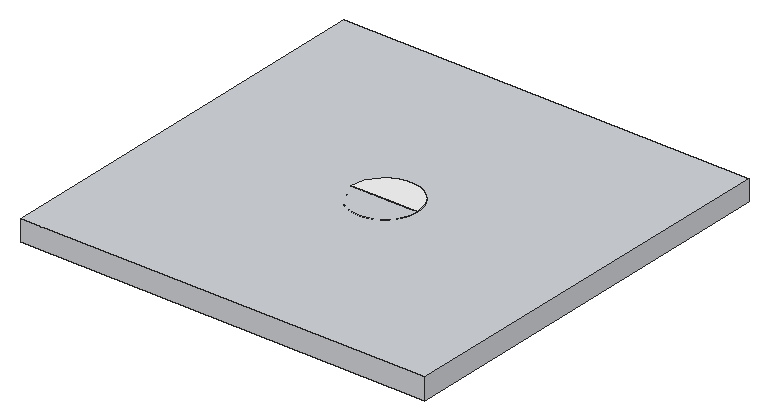
Revit family
Parameters (values of type "2"")
  WFU = 0
  URL = "WWW.MIFAB.COM"
  Top Assembly Radius = 7.875"
  Top Assembly Diameter = Top Assembly Radius * 2  # 15.750"
  Strainer Adjustment [instance] = 2.250"
  Pipe Radius = 1.000"
  Pipe Diameter = Pipe Radius * 2  # 2.000"
  Model = "F1360"
  Manufacturer = "MIFAB"
  Floor Drain Material = Paint - Sherwin Williams Paint - #952C2A - Bellwood Red
  Description = "AREA DRAIN WITH 16\" ROUND ADJUSTABLE HEAVY DUTY TRACTOR GRATE"
  Default Elevation = 0.000"
  Body Height = 6.125"
  Assembly Code = ""
Types (7): name | Pipe Radius | Pipe Diameter | Body Height
  (no name) | 1.000" | 2.000" | 6.125"
  2" | 1.000" | 2.000" | 6.125"
  3" | 1.500" | 3.000" | 6.125"
  4" | 2.000" | 4.000" | 6.125"
  5" | 2.500" | 5.000" | 6.125"
  6" | 3.000" | 6.000" | 8.000"
  8" | 4.000" | 8.000" | 8.000"
Reference planes (in)
  plane 1 "Center (Front/Back)": y = 0
  plane 2: z = 0
  plane 3 "Center (Left/Right)": x = 0
  plane 4: x = -7.875
  plane 5: x = 7.875
  plane 6: z = -2
  plane 7: z = -8.375
  plane 8: x = 1
  plane 9: x = -1
  plane 10: z = -6.875
  plane 11: z = -2.25
Forms (in)
  Extrusion 1, solid
    sketch origin (0, 0, 0) x (1, 0, 0) y (0, 1, 0)
      loop
        line (-48, 48) -> (-48, -48) -> (48, -48) -> (48, 48) -> (-48, 48)
    from 0 to -4.95974
  Revolve 2, solid, material "Paint - Sherwin Williams Paint - #952C2A - Bellwood Red" <- "Floor Drain Material"
    sketch origin (0, 0, 0) x (1, 0, 0) y (0, 0, 1)
      loop
        line (-7.875, 0) -> (-7.875, -1.375) -> (-6.60072, -1.375) -> (-4.4375, -1.71875) -> (-4.4375, -2) -> (-3.75, -2) -> (-3.75, -2.5) -> (-3.5, -2.5) -> (-3.5, -1.75) -> (-4.1875, -1.75) -> (-4.1875, -1.58348) -> (-6.57763, -1.125) -> (-7.25, -1.125) -> (-7.25, -0.375) -> (0, -0.375) -> (0, 0) -> (-7.875, 0)
      axis (0, 0) -> (0, -2.5)
    angle from 0 to 360
  Revolve 3, solid, material "Paint - Sherwin Williams Paint - #952C2A - Bellwood Red" <- "Floor Drain Material"
    sketch origin (0, 0, 0) x (1, 0, 0) y (0, 0, 1)
      loop
        line (3.75, -2.25) -> (3.75, -2.5) -> (4.21721, -2.5) -> (4.07744, -6.718) -> (1, -6.718) -> (1, -8.375) -> (1.15, -8.375) -> (1.15, -6.875) -> (4.23081, -6.875) -> (4.37426, -2.5) -> (6.5, -2.5) -> (6.5, -2.25) -> (3.75, -2.25)
      axis (0, -8.375) -> (0, -2.25)
    angle from 0 to 360
Lines and regions (in)
  symbolic lines
    curve 1: circle (0, 0, 0) r 7.875 normal (0, 0, 1)
Dimensions and locks (in)
  plane 4 to plane 5 = 15.750"
  "Strainer Adjustment": Extrusion 1 to plane 11
  "Body Height": plane 11 to plane 7
  locked: Revolve 2 sketch curve to plane 3 "Center (Left/Right)" at 4.4375
  equal spacing: plane 5, plane 3 "Center (Left/Right)", plane 4
  plane 5 to plane 4 = 15.750"
  equal spacing: plane 9, plane 3 "Center (Left/Right)", plane 8
  "Pipe Radius": plane 8 to plane 3 "Center (Left/Right)"
  locked: plane 10 to plane 7 at 1.5
  "Top Assembly Radius": plane 5 to plane 3 "Center (Left/Right)"
  locked: plane 6 to plane 11 at 0.25
  Revolve 3 sketch curve to Revolve 3 sketch curve = 0.150"
  Revolve 2 sketch curve to Revolve 2 sketch curve to plane 11 to Revolve 2 sketch curve = 0.250", 0.250", 0.250"
  Extrusion 1 to Revolve 2 sketch curve to Revolve 2 sketch curve = 1.125", 0.250"
  Revolve 2 sketch curve to Revolve 2 sketch curve = 3.500"
  Revolve 2 sketch curve to Revolve 2 sketch curve = 0.250"
  Revolve 3 sketch curve to Revolve 3 sketch curve to Revolve 3 sketch curve to Revolve 3 sketch curve to plane 3 "Center (Left/Right)" = 2.12574" locked, 0.15704" locked, 0.46721" locked, 3.750" locked
  Revolve 3 sketch curve to Revolve 3 sketch curve to plane 3 "Center (Left/Right)" = 0.15337", 4.07744"
  aligned and locked: plane 2 to Extrusion 1
  aligned and locked: level to Extrusion 1
  aligned and locked: Revolve 2 sketch curve to plane 3 "Center (Left/Right)"
  aligned and locked: Revolve 2 sketch curve to plane 4
  aligned and locked: Extrusion 1 to Revolve 2 sketch curve
  aligned and locked: Revolve 3 sketch curve to plane 7
  aligned and locked: plane 3 "Center (Left/Right)" to Revolve 3 sketch curve
  aligned and locked: Revolve 3 sketch curve to Revolve 3 sketch curve
  aligned and locked: Revolve 3 sketch curve to plane 10
  aligned and locked: plane 8 to Revolve 3 sketch curve
  aligned and locked: Revolve 3 sketch curve to plane 11
Automatic sketch dimensions
  Extrusion 1 sketch curve to Extrusion 1 sketch curve = 96.000"  (x2)
  plane 10 to Revolve 3 sketch curve = 0.157"
  Revolve 3 sketch curve to plane 11 = 0.250"
  level to Revolve 3 sketch curve = 1.000"
  Revolve 3 sketch curve to Revolve 3 sketch curve = 1.750"
  Revolve 2 sketch curve to plane 3 "Center (Left/Right)" = 0.000"
  plane 4 to Revolve 2 sketch curve = 0.625"
  Revolve 2 sketch curve to Revolve 2 sketch curve = 0.64928"
  Revolve 2 sketch curve to Revolve 2 sketch curve = 0.02309"
  Revolve 2 sketch curve to Revolve 2 sketch curve = 0.250"
  Revolve 2 sketch curve to plane 11 = 1.750"
  Revolve 2 sketch curve to Revolve 2 sketch curve = 0.03125"
  Revolve 2 sketch curve to Revolve 2 sketch curve = 0.16652"
  Revolve 2 sketch curve to level = 0.375"
  Revolve 2 sketch curve to Revolve 2 sketch curve = 1.750"
  plane 1 "Center (Front/Back)" to curve 1 = 0.000"
  curve 1 to plane 3 "Center (Left/Right)" = 0.000"
  radius of curve 1 = 7.875"
Connectors (in)
  piping at (0, 0, -8.375), driven by "Pipe Radius", driven by "WFU"
    settings: on Revolve 3, index 1, connector radius 1", flow factor 0, pipe flow 0 GPM, pressure drop 0.00 psi, fitting loss kfactor 0, connector angle 0.00°, fixture units 0, flow configuration 3, flow direction 2, fitting loss method 0, system type 16, connector reference index -1, connector utility 0, adjustable connector no, is connector primary yes, fitting loss table "", connector description "Sanitary Out"
